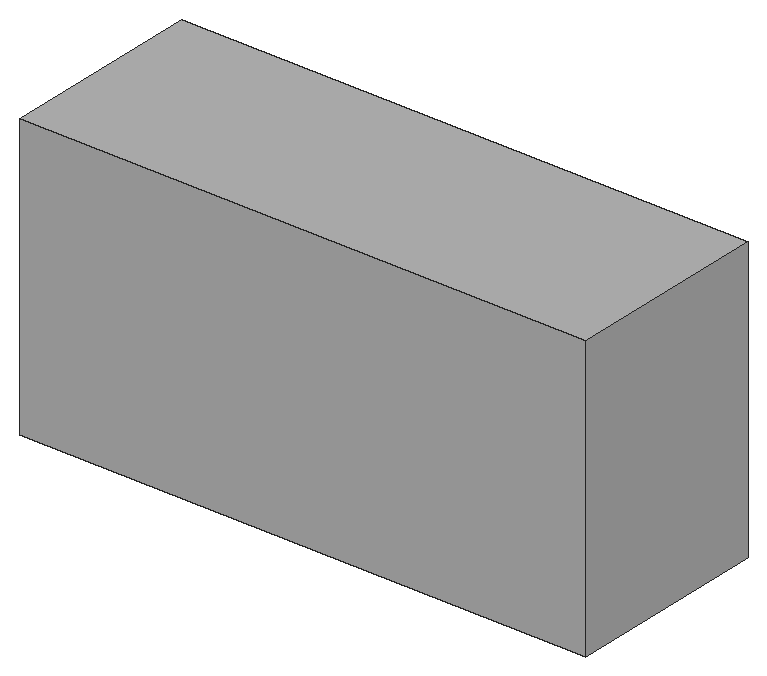
Revit family "215x300x600mm Padstone -PS106", category Generic Models, Revit 2020
Family settings
  Can host rebar = No
  Round Connector Dimension = Use Diameter
  Part Type = Normal
  Work Plane-Based = No
  Always vertical = Yes
  Cut with Voids When Loaded = No
  Shared = No
  Room Calculation Point = No
Parameters
  Weight = "93Kg"
  Warranty Guarantor Parts = "n/a"
  Warranty Guarantor Labour = "n/a"
  Warranty Duration Unit = "n/a"
  Warranty Duration Parts = "n/a"
  Warranty Duration Labour = "n/a"
  Warranty Description = "n/a"
  Unit Width [instance] = 215 mm
  Unit Length [instance] = 600 mm
  Unit Height [instance] = 300 mm
  URL = "www.killeshal.com"
  Types = "Single"
  Type Comments = "Visit our website for a full list of available products."
  Sustainability Performance = "n/a"
  Structural Class = "n/a"
  Span = "Length."
  Slope = "0.00°"
  Size = "215 Wide x 300 High x 600mm Long."
  Shape = "As per drawing"
  Service Life = "0.000000"
  Serial Number = "n/a"
  Resistance to Fire = "n/a"
  Replacement Cost = "n/a"
  Reference = "n/a"
  Notified Body = "n/a"
  Nominal Cover to Main Bar = "n/a"
  Model = "P/106 Padstone."
  Mechanical Resistance = "n/a"
  Manufacturer = "Killeshal Precast Concrete Ltd."
  Load Bearing = yes
  Life Cycle Environmental Load = "n/a"
  Length Options = "Stock sizes available. Custom sizes made to order."
  Keynote = "The information contained is the sole property of KPC Ltd., any reproduction in part or whole without permission of KPC Ltd. is prohibited."
  Environmental Product Declaration = "n/a"
  Environmental Class = "n/a"
  Durability against Corrosion = "n/a"
  Dimension Accuracy Class = "n/a"
  Detailing = "As per design specification and product drawings."
  Description = "Padstone 215 x 300 x 600mm."
  Default Elevation = 0 mm
  Dangerous Substances = "n/a"
  Contact Tel = "0035357 9353018"
  Contact Email = "sales@killeshal.com"
  Construction Type = "Precast"
  Construction Tolerance Class = "n/a"
  Compressive Strength of Concrete = "40N/mm²"
  Characteristics of Reinforcing Steel = "n/a"
  Characteristics Deflection Under Load = "n/a"
Reference planes
  plane 1 "Center (Front/Back)": y = 0
  plane 2: z = 0
  plane 3 "Center (Left/Right)": x = 0
  plane 4 "Rear": y = 107.5
  plane 5 "Front": y = -107.5
  plane 6 "Top": z = 300
Forms (mm)
  Extrusion 1, solid, material "Precast Concrete (KPC)"
    sketch origin (0, 0, 0) x (0, 1, 0) y (0, 0, 1)
      loop
        line (107.5, 0) -> (107.5, 300) -> (-107.5, 300) -> (-107.5, 0) -> (107.5, 0)
    from 0 to 600
Dimensions and locks
  "Unit Length": Extrusion 1 to Extrusion 1
  "Unit Width": Extrusion 1 to Extrusion 1
  "Unit Height": Extrusion 1 to Extrusion 1
  aligned and locked: level to plane 2
Automatic sketch dimensions
  Extrusion 1 sketch curve to level = 0 mm
  Extrusion 1 sketch curve to plane 5 "Front" = 0 mm
  Extrusion 1 sketch curve to plane 4 "Rear" = 0 mm
  Extrusion 1 sketch curve to plane 6 "Top" = 0 mm
